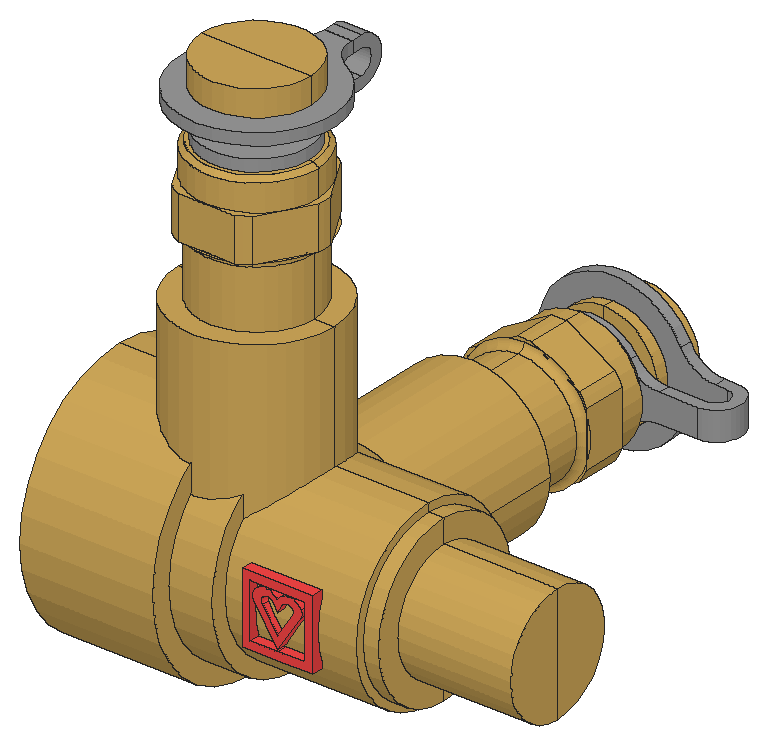
Revit family "Messblende 4000_LF_MF", category Rohrzubehör, Revit 2019
Family settings
  Bemaßung runder Anschluss = Durchmesser verwenden
  Teiletyp = Unterbricht
  OmniClass-Nummer = 23.65.55.14
  OmniClass-Titel = Valves for Liquid Services
  Arbeitsebenenbasiert = Nein
  Immer vertikal = Ja
  Beim Laden mit Abzugskörper schneiden = Nein
  Gemeinsam genutzt = Nein
Parameters (values of type "LF")
  kvs-Wert [instance] = if(and(LF, Nennweite = 15.00 mm), 0.55, if(and(MF, Nennweite = 15.00 mm), 1.1, 0))  # 0.55
  Verwendung = "HERZ-Messblenden werden in die Strangleitungen von Warmwasser- Zentralheizungsanlagen sowie Kühlanlagen eingebaut und ermöglichen den hydraulischen Abgleich der Strangleitungen untereinander.\r\nDer Einsatz der Messblenden ist im Vorlauf als auch im Rücklauf möglich.\r\nSie werden entweder eng gekoppelt an ein HERZ- Strangregulierventil installiert, um ein komplettes Set zu bilden oder in Verbindung mit einer HERZ Absperrarmatur eingesetzt.\r\nDie Einregulierung des Stranges wird durch Einstellen des Strangregulierventiles während der Druckverlustmessung an der Messblende vorgenommen."
  URL = "www.herz-armaturen.at"
  SCRNSEQ = "AWI;AWI_TYP=\"1001\";02"
  SCRNCODE = "02;01;02"  # constant formula
  S03 = 10.00 mm  # constant formula
  S02 [instance] = S01 - 10.00 mm  # 17.50 mm
  S01 [instance] = H01  # 27.50 mm
  R01 [instance] = 10.00 mm  # constant formula
  Nennweite [instance] = 15.00 mm  # constant formula
  Min. Betriebstemperatur = -20 °C  # constant formula
  Messventile = "Messing, CW602N"  # constant formula
  Medium = "Heizungswasserqualität nach ÖNORM H 5195 oder VDI-Richtline 2035.\r\nDie Verwendung von Ethylen- oder Propylenglykol in einem Mischungsverhältnis 25 - 50 Vol.-% ist zulässig."
  Max. Betriebstemperatur (bis DN32) = 130 °C  # constant formula
  Max. Betriebstemperatur (ab DN40) = 110 °C  # constant formula
  Max. Betriebsdruck = 2000000.0 Pa  # constant formula
  MF = no
  LO01 [instance] = 30.00 mm  # constant formula
  LF = yes
  L05 [instance] = 23.00 mm  # constant formula
  L04 [instance] = 16.50 mm  # constant formula
  L03 [instance] = 22.60 mm  # constant formula
  L02 [instance] = 17.00 mm  # constant formula
  L01 [instance] = 17.50 mm  # constant formula
  L00 [instance] = 56.00 mm  # constant formula
  IG [instance] = Nennweite / 2  # 7.50 mm
  Hersteller = "HERZ Armaturen Ges.m.b.H."  # constant formula
  H01 [instance] = 27.50 mm  # constant formula
  Gehäuse = "Messing, CC770S"  # constant formula
  GT1 [instance] = 14.50 mm  # constant formula
  GT [instance] = 13.00 mm  # constant formula
  D04 [instance] = D03 - 1.00 mm  # 10.50 mm
  D03 [instance] = 11.50 mm  # constant formula
  D02 [instance] = 13.50 mm  # constant formula
  D01 [instance] = 16.00 mm  # constant formula
  Bestellnummer [instance] = if(and(LF, Nennweite = 15.00 mm), 1400011, if(and(MF, Nennweite = 15.00 mm), 1400021, 0))  # 1400011
  Ausführung = "Die Messblende aus entzinkungsbeständigem Messing besitzt zwei Messventile. Gemäß EN 10226 hat der Eingang ein Innengewinde Rp und der Ausgang ein Außengewinde R."
  AG [instance] = Nennweite / 2  # 7.50 mm
Types (3, lengths in mm): name | kvs-Wert | MF | LF | Bestellnummer
  (no name) | 0.55 | no | yes | 1400011
  LF | 0.55 | no | yes | 1400011
  MF | 1.1 | yes | no | 1400021
Reference planes
  plane 1 "Mitte (Vorne/hinten)": y = 0
  plane 2: z = 0
  plane 3 "Mitte (Links/rechts)": x = 0
Forms (mm)
  Revolve 1, solid, material "Messing, weicher Gelbton, geschweißt", detail levels fine
    sketch origin (0, 0, 0) x (1, 0, 0) y (0, 0, 1)
      loop
        line (-4.5, 0) -> (38.5, 0) -> (38.5, 7.5) -> (24, 7.5) -> (24, 10.5) -> (22, 10.5) -> (22, 11.5) -> (5.1, 11.5) -> (5.1, 13.5) -> (-0.5, 13.5) -> (-0.5, 16) -> (-17.5, 16) -> (-17.5, 7.5) -> (-4.5, 7.5) -> (-4.5, 0)
      axis (-17.5, 0) -> (38.5, 0)
    angle from 0 to 360
  Revolve 2, solid, material "Messing, weicher Gelbton, geschweißt", detail levels fine
    sketch origin (0, 0, 0) x (1, 0, 0) y (0, 0, 1)
      loop
        line (-10, 7.5) -> (0, 7.5) -> (0, 27.5) -> (-10, 27.5) -> (-10, 7.5)
      axis (0, 27.5) -> (0, 7.5)
    angle from 0 to 360
  Revolve 3, solid, material "Messing, weicher Gelbton, geschweißt", detail levels fine
    sketch origin (0, 0, 0) x (1, 0, 0) y (0, 1, 0)
      loop
        line (5.5, 7.5) -> (15.5, 7.5) -> (15.5, 27.5) -> (5.5, 27.5) -> (5.5, 7.5)
      axis (5.5, 27.5) -> (5.5, 7.5)
    angle from 0 to 360
Lines and regions (mm)
  model lines, detail levels coarse+medium
    curve 1: line (-17.5, 0, 0) -> (0.5, 0, 0)
    curve 2: line (10.5, 0, -27.5) -> (10.5, 0, 27.5)
    curve 3: line (20.5, 0, 17.5) -> (20.5, 0, -17.5)
    curve 4: line (20.5, 0, 0) -> (38.5, 0, 0)
    curve 5: line (0.5, 0, 17.5) -> (0.5, 0, -17.5)
    curve 6: line (-17.5, 0, 0) -> (0.5, 0, 0)
    curve 7: line (10.5, 27.5, 0) -> (10.5, -27.5, 0)
    curve 8: line (0.5, 17.5, 0) -> (0.5, -17.5, 0)
    curve 9: line (20.5, 17.5, 0) -> (20.5, -17.5, 0)
    curve 10: line (20.5, 0, 0) -> (38.5, 0, 0)
Dimensions and locks
  "L00": Revolve 1 sketch curve to Revolve 1 sketch curve
  "GT": Revolve 1 sketch curve to Revolve 1 sketch curve
  "L01": plane 3 "Mitte (Links/rechts)" to Revolve 1 sketch curve
  "GT1": Revolve 1 sketch curve to Revolve 1 sketch curve
  "L02": Revolve 1 sketch curve to Revolve 1 sketch curve
  "L03": Revolve 1 sketch curve to Revolve 1 sketch curve
  "L04": Revolve 1 sketch curve to Revolve 1 sketch curve
  "AG": Revolve 1 sketch curve to plane 2
  "IG": Revolve 1 sketch curve to plane 2
  "D01": Revolve 1 sketch curve to plane 2
  "D02": Revolve 1 sketch curve to plane 2
  "D03": Revolve 1 sketch curve to plane 2
  "D04": Revolve 1 sketch curve to plane 2
  "D03": nested 1 to plane 1 "Mitte (Vorne/hinten)"
  "LO01": Revolve 1 to nested 1
  "IG": Revolve 2 sketch curve to plane 2
  "H01": Revolve 2 sketch curve to plane 2
  "R01": plane 3 "Mitte (Links/rechts)" to Revolve 2 sketch curve
  "H01": nested 2 to plane 2
  "IG": plane 1 "Mitte (Vorne/hinten)" to Revolve 3 sketch curve
  "H01": plane 1 "Mitte (Vorne/hinten)" to Revolve 3 sketch curve
  "R01": Revolve 3 sketch curve to Revolve 3 sketch curve
  "L05": Revolve 1 to Revolve 3 sketch curve  (x2)
  "H01": plane 1 "Mitte (Vorne/hinten)" to nested 3
  "L05": Revolve 1 to nested 3
  "L01": Revolve 1 to nested 2
  "S01": curve 2 to curve 4 to curve 2
  "L00": curve 1 to curve 4
  "S02": curve 3 to curve 4 to curve 3
  "S03": curve 2 to curve 3
  "S03": curve 2 to curve 5
  equal spacing: curve 4, curve 2, curve 1
  "S02": curve 5 to curve 1 to curve 5
  "L01": plane 3 "Mitte (Links/rechts)" to curve 1
  "L00": curve 6 to curve 10
  equal spacing: curve 6, curve 7, curve 10
  "S03": curve 8 to curve 7 to curve 9
  "S02": curve 9 to curve 10 to curve 9
  "S02": curve 8 to curve 6 to curve 8
  "S01": curve 7 to curve 10 to curve 7
  "L01": curve 6 to plane 3 "Mitte (Links/rechts)"
  aligned and locked: level to plane 2
Automatic sketch dimensions
  curve 4 to level = 0.00 mm
  curve 1 to level = 0.00 mm
  plane 1 "Mitte (Vorne/hinten)" to curve 10 = 0.00 mm
  plane 1 "Mitte (Vorne/hinten)" to curve 6 = 0.00 mm
  Revolve 1 sketch curve to level = 0.00 mm  (x2)
  Revolve 1 sketch curve to Revolve 1 sketch curve = 1489.03 mm
  Revolve 1 sketch curve to Revolve 1 sketch curve = 1800.648 mm
  Revolve 2 sketch curve to plane 3 "Mitte (Links/rechts)" = 0.00 mm  (x2)
  Revolve 2 sketch curve to level = 366.045 mm
  Revolve 2 sketch curve to Revolve 2 sketch curve = 2186.815 mm
  Revolve 3 sketch curve to Revolve 3 sketch curve = 0.00 mm  (x2)
Nested families
  nested 1: "Herz-Logo-vorne" at (12.5, -11.5, 0) x (0, 1, 0) z (0, 0, 1), type "Herz-Logo-vorne", detail levels fine
  nested 2: "Messstutzen_Band_Eintritt_senkrecht_(oben)" at (0, 0, 18.5), type "Messstutzen_Band_Eintritt_senkrecht_(oben)", detail levels fine
    with Schutzkappe yes, Nennweite 0.00 mm, Gewicht 0.00 kg, Bestellnummer 0
  nested 3: "Messstutzen_Band_Austritt_waagrecht" at (5.5, 18.5, 0) x (0, -1, 0) z (0, 0, 1), type "Messstutzen_Band_Austritt_waagrecht", detail levels fine
    with Schutzkappe yes, Nennweite 0.00 mm, Gewicht 0.00 kg, Bestellnummer 0
Connectors
  piping at (-4.5, 0, 0), diameter 15, driven by "Nennweite"
    settings: on Revolve 1, index 1, connector inside diameter 609.6 mm, connector length 0.00 mm, flow factor 0, pipe flow 0.0 L/s, pressure drop 0.0 Pa, fitting loss kfactor 0, connector angle 0.00°, fixture units 0, engagement length 0.00 mm, angle of deflection 0.00°, flow configuration 0, flow direction 1, fitting loss method 0, system type 29, joint type 0, gender type 0, connector reference index -1, connector utility 0, adjustable connector no, is connector primary yes, connector description ""
  piping at (38.5, 0, 0), diameter 15, driven by "Nennweite"
    settings: on Revolve 1, index 2, connector inside diameter 609.6 mm, connector length 0.00 mm, flow factor 0, pipe flow 0.0 L/s, pressure drop 0.0 Pa, fitting loss kfactor 0, connector angle 0.00°, fixture units 0, engagement length 0.00 mm, angle of deflection 0.00°, flow configuration 0, flow direction 2, fitting loss method 0, system type 29, joint type 0, gender type 0, connector reference index -1, connector utility 0, adjustable connector no, is connector primary no, connector description ""
Definition of nested family "Herz-Logo-vorne"
  Reference planes
    plane 1 "Mitte (Vorne/hinten)": y = 0
    plane 2: z = 0
    plane 3 "Mitte (Links/rechts)": x = 0
  Forms (mm)
    Extrusion 1, solid
      sketch origin (0.732, -0.018, 0.017) x (0, -1, 0) y (0, 0, 1)
        loop
          line (-0.018, -4.517) -> (4.482, -4.517) -> (4.482, 4.483) -> (-4.518, 4.483) -> (-4.518, -4.517) -> (-0.018, -4.517)
        loop
          line (-0.05, -3.48) -> (3.482, -3.48) -> (3.482, 3.483) -> (-3.518, 3.483) -> (-3.518, -3.48) -> (-0.05, -3.48)
        loop
          arc (-0.018, 2.383) -> (-1.543, 3.287) -> (-3.067, 2.383) r 1.738
          arc (-3.067, 2.383) -> (-3.191, 1.899) -> (-3.067, 1.415) r 1.009
          line (-3.067, 1.415) -> (-0.018, -3.281) -> (3.032, 1.415)
          arc (3.032, 1.415) -> (3.156, 1.899) -> (3.032, 2.383) r 1.009
          arc (3.032, 2.383) -> (1.507, 3.287) -> (-0.018, 2.383) r 1.738
        loop
          arc (1.885, 1.272) -> (2.005, 1.675) -> (1.885, 2.079) r 0.74
          arc (1.885, 2.079) -> (1.265, 2.416) -> (0.644, 2.079) r 0.74
          line (0.644, 2.079) -> (-0.018, 0.97) -> (-0.679, 2.079)
          arc (-0.679, 2.079) -> (-1.3, 2.416) -> (-1.921, 2.079) r 0.74
          arc (-1.921, 2.079) -> (-2.04, 1.675) -> (-1.921, 1.272) r 0.74
          line (-1.921, 1.272) -> (-0.018, -1.658) -> (1.885, 1.272)
      from 0 to 1.5
  Dimensions and locks
    aligned and locked: level to plane 2
Definition of nested family "Messstutzen_Band_Eintritt_senkrecht_(oben)"
  Parameters (values of type "Messstutzen_Band_Eintritt_senkrecht_(oben)")
    URL = "www.herz-armaturen.at"
    Schutzkappe [instance] = yes
    Nennweite [instance] = 0.00 mm
    Manufacturer = "Herz Armaturen GmbH"  # constant formula
    Gewicht [instance] = 0.00 kg
    Bestellnummer [instance] = 0
  Reference planes
    plane 1 "Mitte (Vorne/hinten)": y = 0
    plane 2: z = 0
    plane 3 "Mitte (Links/rechts)": x = 0
    plane 4 "Schlaufe 1": z = -27
    plane 5 "Schlaufe 2": z = -31.678
  Forms (mm)
    Revolve 1, solid, detail levels fine
      sketch origin (0, 0, 0) x (1, 0, 0) y (0, 0, 1)
        loop
          line (-7.4, 9) -> (-5.55, 9) -> (-5.55, 6)
          arc (-5.55, 6) -> (-5.626, 5.617) -> (-5.843, 5.293) r 1
          line (-5.843, 5.293) -> (-6.455, 4.681) -> (-6.455, 0.9) -> (-5.555, 0) -> (-2, 0) -> (-2, 17.5) -> (-8.4, 17.5)
          arc (-8.4, 17.5) -> (-7.693, 17.207) -> (-7.4, 16.5) r 1
          line (-7.4, 16.5) -> (-7.4, 9)
        loop
          line (-3.7, 27) -> (-7.3, 27) -> (-7.9, 26.4) -> (-7.9, 23) -> (-2, 23) -> (-2, 35.8) -> (-3.805, 35.8) -> (-4.415, 35.19) -> (-4.415, 30.863) -> (-3.7, 30.45) -> (-3.7, 27)
        axis (0, 0) -> (0, 35.8)
      angle from 0 to 360
    Extrusion 2, solid, detail levels fine
      sketch origin (0, 0, 17.5) x (0, 1, 0) y (-1, 0, 0)
        loop
          arc (-7.07, 5.156) -> (-7.578, 4.375) -> (-8, 3.544) r 8.75
          line (-8, 3.544) -> (-8, -3.544)
          arc (-8, -3.544) -> (-7.578, -4.375) -> (-7.07, -5.156) r 8.75
          line (-7.07, -5.156) -> (-0.93, -8.7)
          arc (-0.93, -8.7) -> (0, -8.75) -> (0.93, -8.7) r 8.75
          line (0.93, -8.7) -> (7.07, -5.156)
          arc (7.07, -5.156) -> (7.578, -4.375) -> (8, -3.544) r 8.75
          line (8, -3.544) -> (8, 3.544)
          arc (8, 3.544) -> (7.578, 4.375) -> (7.07, 5.156) r 8.75
          line (7.07, 5.156) -> (0.93, 8.7)
          arc (0.93, 8.7) -> (0, 8.75) -> (-0.93, 8.7) r 8.75
          line (-0.93, 8.7) -> (-7.07, 5.156)
      from 0 to 5.5
    Revolve 3, solid, visible <- "Schutzkappe", detail levels fine
      sketch origin (0, 0, 0) x (1, 0, 0) y (0, 0, 1)
        loop
          line (0, 35.878) -> (0, 36.678) -> (-7, 36.678) -> (-7, 33.378) -> (-6.1, 33.378) -> (-6.1, 31.678) -> (-6.9, 31.678) -> (-6.9, 30.178) -> (-4.415, 30.178) -> (-4.415, 35.268) -> (-3.805, 35.878) -> (0, 35.878)
        axis (0, 30.178) -> (0, 36.678)
      angle from 0 to 360
    Extrusion 4, solid, detail levels fine
      sketch origin (0, 0, 28.5) x (1, 0, 0) y (0, 1, 0)
        loop
          circle (0, 0) r 3.7
        loop
          arc (-3.906, 5.505) -> (0, -6.75) -> (3.906, 5.505) r 6.75
          arc (3.906, 5.505) -> (2.358, 7.288) -> (1.8, 9.582) r 5
          line (1.8, 9.582) -> (-1.8, 9.582)
          arc (-1.8, 9.582) -> (-2.358, 7.288) -> (-3.906, 5.505) r 5
      from 0 to -1.5
    Extrusion 5, solid, detail levels fine
      sketch origin (0, 0, 33.178) x (1, 0, 0) y (0, 1, 0)
        loop
          circle (0, 0) r 6.1
        loop
          arc (-4.495, 8.652) -> (0, -9.75) -> (4.495, 8.652) r 9.75
          arc (4.495, 8.652) -> (2.527, 10.493) -> (1.8, 13.089) r 5
          line (1.8, 13.089) -> (-1.8, 13.089)
          arc (-1.8, 13.089) -> (-2.527, 10.493) -> (-4.495, 8.652) r 5
      from 0 to -1.5
    Sweep 6, solid, detail levels fine
      path origin (0, 0, 0) x (0, 0, -1) y (0, -1, 0)
        loop
          line (-27.75, -9.582) -> (-27.75, -14.522)
          arc (-27.75, -14.522) -> (-30.089, -16.862) -> (-32.428, -14.522) r 2.339
          line (-32.428, -14.522) -> (-32.428, -13.089)
      profile origin (0, 12.052, 27.75) x (0, 0, 1) y (1, 0, 0)
        loop
          line (-0.75, -1.8) -> (0.75, -1.8) -> (0.75, 1.8) -> (-0.75, 1.8) -> (-0.75, -1.8)
  Dimensions and locks
    aligned and locked: level to plane 2
Definition of nested family "Messstutzen_Band_Austritt_waagrecht"
  Parameters (values of type "Messstutzen_Band_Austritt_waagrecht")
    URL = "www.herz-armaturen.at"
    Schutzkappe [instance] = yes
    Nennweite [instance] = 0.00 mm
    Manufacturer = "Herz Armaturen GmbH"  # constant formula
    Gewicht [instance] = 0.00 kg
    Bestellnummer [instance] = 0
  Reference planes
    plane 1 "Mitte (Vorne/hinten)": y = 0
    plane 2: z = 0
    plane 3 "Mitte (Links/rechts)": x = 0
  Forms (mm)
    Revolve 1, solid, detail levels fine
      sketch origin (0, 0, 0) x (0, 0, -1) y (1, 0, 0)
        loop
          line (-7.4, -9) -> (-7.4, -16.5)
          arc (-7.4, -16.5) -> (-7.693, -17.207) -> (-8.4, -17.5) r 1
          line (-8.4, -17.5) -> (-2, -17.5) -> (-2, 0) -> (-5.555, 0) -> (-6.455, -0.9) -> (-6.455, -4.681) -> (-5.843, -5.293)
          arc (-5.843, -5.293) -> (-5.626, -5.617) -> (-5.55, -6) r 1
          line (-5.55, -6) -> (-5.55, -9) -> (-7.4, -9)
        loop
          line (-3.7, -27) -> (-3.7, -30.45) -> (-4.415, -30.863) -> (-4.415, -35.19) -> (-3.805, -35.8) -> (-2, -35.8) -> (-2, -23) -> (-7.9, -23) -> (-7.9, -26.4) -> (-7.3, -27) -> (-3.7, -27)
        axis (0, 0) -> (0, -35.8)
      angle from 0 to 360
    Extrusion 2, solid, detail levels fine
      sketch origin (-17.5, 0, 0) x (0, 0, 1) y (0, 1, 0)
        loop
          line (5.156, -7.07) -> (8.7, -0.93)
          arc (8.7, -0.93) -> (8.75, 0) -> (8.7, 0.93) r 8.75
          line (8.7, 0.93) -> (5.156, 7.07)
          arc (5.156, 7.07) -> (4.375, 7.578) -> (3.544, 8) r 8.75
          line (3.544, 8) -> (-3.544, 8)
          arc (-3.544, 8) -> (-4.375, 7.578) -> (-5.156, 7.07) r 8.75
          line (-5.156, 7.07) -> (-8.7, 0.93)
          arc (-8.7, 0.93) -> (-8.75, 0) -> (-8.7, -0.93) r 8.75
          line (-8.7, -0.93) -> (-5.156, -7.07)
          arc (-5.156, -7.07) -> (-4.375, -7.578) -> (-3.544, -8) r 8.75
          line (-3.544, -8) -> (3.544, -8)
          arc (3.544, -8) -> (4.375, -7.578) -> (5.156, -7.07) r 8.75
      from 0 to 5.5
    Revolve 3, solid, visible <- "Schutzkappe", detail levels fine
      sketch origin (0, 0, 0) x (0, 0, -1) y (1, 0, 0)
        loop
          line (0, -35.878) -> (-3.805, -35.878) -> (-4.415, -35.268) -> (-4.415, -30.178) -> (-6.9, -30.178) -> (-6.9, -31.678) -> (-6.1, -31.678) -> (-6.1, -33.378) -> (-7, -33.378) -> (-7, -36.678) -> (0, -36.678) -> (0, -35.878)
        axis (0, -30.178) -> (0, -36.678)
      angle from 0 to 360
    Extrusion 4, solid, detail levels fine
      sketch origin (-27, 0, 0) x (0, 1, 0) y (0, 0, 1)
        loop
          circle (0, 0) r 3.7
        loop
          arc (5.505, 3.906) -> (-6.75, 0) -> (5.505, -3.906) r 6.75
          arc (5.505, -3.906) -> (7.288, -2.358) -> (9.582, -1.8) r 5
          line (9.582, -1.8) -> (9.582, 1.8)
          arc (9.582, 1.8) -> (7.288, 2.358) -> (5.505, 3.906) r 5
      from 0 to -1.5
    Extrusion 5, solid, detail levels fine
      sketch origin (-31.678, 0, 0) x (0, 1, 0) y (0, 0, 1)
        loop
          circle (0, 0) r 6.1
        loop
          arc (8.652, 4.495) -> (-9.75, 0) -> (8.652, -4.495) r 9.75
          arc (8.652, -4.495) -> (10.493, -2.527) -> (13.089, -1.8) r 5
          line (13.089, -1.8) -> (13.089, 1.8)
          arc (13.089, 1.8) -> (10.493, 2.527) -> (8.652, 4.495) r 5
      from 0 to -1.5
    Sweep 6, solid, detail levels fine
      path origin (0, 0, 0) x (0, -1, 0) y (1, 0, 0)
        loop
          line (-9.582, -27.75) -> (-14.522, -27.75)
          arc (-14.522, -27.75) -> (-16.862, -30.089) -> (-14.522, -32.428) r 2.339
          line (-14.522, -32.428) -> (-13.089, -32.428)
      profile origin (-27.75, 12.052, 0) x (-1, 0, 0) y (0, 0, 1)
        loop
          line (-0.75, 1.8) -> (-0.75, -1.8) -> (0.75, -1.8) -> (0.75, 1.8) -> (-0.75, 1.8)
  Cuts and joins
    joined: Extrusion 4, Extrusion 5, Sweep 6
  Dimensions and locks
    aligned and locked: level to plane 2
